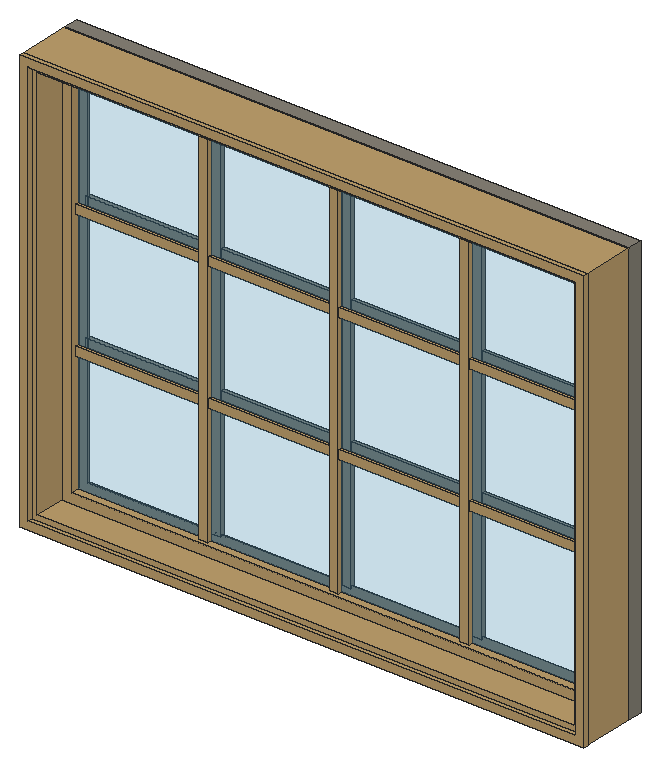
Revit family
Parameters (values of type "CDGRECT")
  Window Type = "Clad Direct Glaze Polygon Rectangle"
  URL = "www.marvin.com"
  Prairie Corner Width = 0' - 4"
  Prairie Corner Height = 0' - 4"
  Nominal Width = 4' - 0"
  Nominal Height = 3' - 0"
  Muntins Interior Material = Wood-Marvin-Pine
  Muntins Exterior Material = Aluminum-Marvin-Bronze
  Model = "CDGRECT"
  Manufacturer = "Marvin Windows and Doors"
  Lites Wide = 4
  Lites High = 3
  Lite Cut Prairie 9 = no
  Lite Cut HV Grid = not(Lite Cut Prairie 9)  # yes
  Label Visibility = no
  Interior Material = Wood-Marvin-Pine
  Glazing Material = Glass-Marvin-IG Low E II with Argon
  Glass Type = "IG Low E II with Argon"
  Frame = "Aluminum Clad"
  Family created by = "www.rbuiltcomponents.com"
  Rough Width = Width + 0' 1"  # 4' - 1"
  Rough Height = Height + 0' 0 1/2"  # 3' - 0 1/2"
  Muntins Interior Visibility = yes
  Muntins Exterior Visibility = yes
  Jamb Extension Visibility = yes
  Inset to Installation Flange [instance] = 0' - 1"
  Height = Nominal Height  # 3' - 0"
  Design Pressure = if(or(Width > 10' 0", Height > 6' 0"), "", "DP40")  # "DP40"
  Description = "FIXED"
  Default Head Height = 8' - 0"
  Wall Closure = (empty or 0)
  Width = Nominal Width  # 4' - 0"
  Daylight Area = DLO Width * DLO Height  # 9.81079 SF
  DLO Width = Width - 0' 3 15/16"  # 3' - 8 1/16"
  DLO Height = Height - 0' 3 15/16"  # 2' - 8 1/16"
  Cladding Material = Aluminum-Marvin-Bronze
  Assembly Code = ""
Reference planes (in)
  plane 1 "Center (Front/Back)": y = 0
  plane 2: z = 0
  plane 3 "Center (Left/Right)": x = -3
  plane 4 "Left": x = -27
  plane 5 "Right": x = 21
  plane 6 "Sill": z = 60
  plane 7 "Top": z = 96
  plane 8 "Inset": y = 2
  plane 9 "Glazing": y = 1.80078
  plane 10 "Jamb Ext Face": y = -2.5625
  plane 11: z = 78
  plane 12: y = -2.59375
Forms (in)
  Sweep 1, solid, material "Aluminum-Marvin-Bronze" <- "Cladding Material"
    path origin (0, 1.80078, 0) x (1, 0, 0) y (0, 0, 1)
      loop
        line (-27, 96) -> (-27, 60) -> (21, 60) -> (21, 96) -> (-27, 96)
    profile "Profile_Ext_Clad_Frame : Profile_Ext_Clad_Frame" origin (-27, 1.80078, 78) x (1, 0, 0) y (0, -1, 0)
      loop
        line (0.66161, -0.32533) -> (1.80253, -0.32533) -> (1.80253, -0.20244) -> (1.97001, -0.03495) -> (1.97001, 0) -> (0, 0) -> (0, -1.29321) -> (0.59393, -1.29321) -> (0.66161, -0.32533)
  Sweep 2, solid, material "Wood-Marvin-Pine" <- "Interior Material"
    path origin (0, 1.80078, 0) x (1, 0, 0) y (0, 0, 1)
      loop
        line (-27, 96) -> (-27, 60) -> (21, 60) -> (21, 96) -> (-27, 96)
    profile "Profile_Int_Frame : Profile_Int_Frame" origin (-27, 1.80078, 78) x (1, 0, 0) y (0, -1, 0)
      loop
        line (1.094, 4.36304) -> (0, 4.36304) -> (0, 0) -> (1.094, 0) -> (1.094, 1.0626) -> (1.97001, 1.0626) -> (1.97001, 1.7506) -> (1.094, 1.7506) -> (1.094, 4.36304)
  Extrusion 3, solid, material "Wood-Marvin-Pine" <- "Interior Material", visible <- "Jamb Extension Visibility", detail levels medium+fine
    sketch origin (0, -2.5625, 0) x (1, 0, 0) y (0, 0, 1)
      loop
        line (-27, 96) -> (-27, 60) -> (21, 60) -> (21, 96) -> (-27, 96)
      loop
        line (-26.3125, 60.6875) -> (20.3125, 60.6875) -> (20.3125, 95.3125) -> (-26.3125, 95.3125) -> (-26.3125, 60.6875)
    from 0.03125 to 0.4375
  Extrusion 4, solid, material "Glass-Marvin-IG Low E II with Argon" <- "Glazing Material"
    sketch origin (0, 1.80078, 0) x (1, 0, 0) y (0, 0, 1)
      loop
        line (19.71875, 94.71875) -> (-25.71875, 94.71875) -> (-25.71875, 61.28125) -> (19.71875, 61.28125) -> (19.71875, 94.71875)
    from 0 to 0.1875
  Extrusion 5, solid, material "Glass-Marvin-IG Low E II with Argon" <- "Glazing Material"
    sketch origin (0, 1.80078, 0) x (1, 0, 0) y (0, 0, 1)
      loop
        line (19.71875, 94.71875) -> (-25.71875, 94.71875) -> (-25.71875, 61.28125) -> (19.71875, 61.28125) -> (19.71875, 94.71875)
    from 0.8125 to 1
Lines and regions (in)
  Opening 1
    outline origin (-60, -3, 0) x (1, 0, 0) y (0, 0, 1)
      loop
        line (33, 96) -> (33, 60) -> (81, 60) -> (81, 96) -> (33, 96)
  Masking region 1
    outline origin (0, 0, 60) x (0, -1, 0) y (1, 0, 0)
      loop
        line (-3.094, -27) -> (2.5625, -27) -> (2.5625, 21) -> (-3.094, 21) -> (-3.094, -27)
  Masking region 2
    outline origin (-3, 0, 0) x (0, 1, 0) y (0, 0, 1)
      loop
        line (3.094, 96) -> (-2.5625, 96) -> (-2.5625, 60) -> (3.094, 60) -> (3.094, 96)
  Masking region 3, visible <- "Jamb Extension Visibility"
    outline origin (0, 0, 60) x (0, -1, 0) y (1, 0, 0)
      loop
        line (2.59375, -27) -> (3, -27) -> (3, 21) -> (2.59375, 21) -> (2.59375, -27)
  Masking region 4, visible <- "Jamb Extension Visibility"
    outline origin (-3, 0, 0) x (0, 1, 0) y (0, 0, 1)
      loop
        line (-2.59375, 96) -> (-3, 96) -> (-3, 60) -> (-2.59375, 60) -> (-2.59375, 96)
  symbolic lines, style "Jamb Extension", visible <- "Jamb Extension Visibility", detail levels fine
    curve 1: line (-27, -3, 60) -> (-26.3125, -3, 60)
    curve 2: line (-26.3125, -3, 60) -> (-26.3125, -2.59375, 60)
    curve 3: line (21, -3, 60) -> (20.3125, -3, 60)
    curve 4: line (20.3125, -3, 60) -> (20.3125, -2.59375, 60)
    curve 5: line (-3, -3, 95.3125) -> (-3, -2.59375, 95.3125)
    curve 6: line (-3, -3, 60.6875) -> (-3, -2.59375, 60.6875)
  symbolic lines, style "WindowsFrameMullionProjection", detail levels coarse+medium
    curve 7: line (21, -2.5625, 60) -> (19.906, -2.5625, 60)
    curve 8: line (19.906, -2.5625, 60) -> (19.906, 3.094, 60)
    curve 9: line (19.906, 3.094, 60) -> (21, 3.094, 60)
    curve 10: line (19.906, 2.12611, 60) -> (19.02999, 2.12611, 60)
    curve 11: line (19.02999, 2.12611, 60) -> (19.02999, 0.05018, 60)
    curve 12: line (-25.906, 0.05018, 60) -> (-25.02999, 0.05018, 60)
    curve 13: line (-27, -2.5625, 60) -> (-25.906, -2.5625, 60)
    curve 14: line (-25.906, -2.5625, 60) -> (-25.906, 3.094, 60)
    curve 15: line (-25.906, 3.094, 60) -> (-27, 3.094, 60)
    curve 16: line (-25.02999, 2.12611, 60) -> (-25.02999, 0.05018, 60)
    curve 17: line (-3, 3.094, 96) -> (-3, 3.094, 94.906)
    curve 18: line (-3, 3.094, 94.906) -> (-3, -2.5625, 94.906)
    curve 19: line (-3, -2.5625, 94.906) -> (-3, -2.5625, 96)
    curve 20: line (-3, 2.12611, 94.906) -> (-3, 2.12611, 94.02999)
    curve 21: line (-3, 2.12611, 94.02999) -> (-3, 0.05018, 94.02999)
    curve 22: line (-3, 0.05018, 61.094) -> (-3, 0.05018, 61.97001)
    curve 23: line (-3, 3.094, 60) -> (-3, 3.094, 61.094)
    curve 24: line (-3, 3.094, 61.094) -> (-3, -2.5625, 61.094)
    curve 25: line (-3, -2.5625, 61.094) -> (-3, -2.5625, 60)
    curve 26: line (-3, 2.12611, 61.97001) -> (-3, 0.05018, 61.97001)
    curve 27: line (19.02999, 2.12611, 60) -> (-25.02999, 2.12611, 60)
    curve 28: line (19.02999, 0.05018, 60) -> (19.906, 0.05018, 60)
    curve 29: line (-25.02999, 0.05018, 60) -> (19.02999, 0.05018, 60)
    curve 30: line (-25.02999, 2.12611, 60) -> (-25.906, 2.12611, 60)
    curve 31: line (-3, 0.05018, 61.97001) -> (-3, 0.05018, 94.02999)
    curve 32: line (-3, 2.12611, 61.97001) -> (-3, 2.12611, 61.094)
    curve 33: line (-3, 0.05018, 94.02999) -> (-3, 0.05018, 94.906)
    curve 34: line (-3, 2.12611, 94.02999) -> (-3, 2.12611, 61.97001)
  symbolic lines, style "WindowsFrameMullionProjection", visible <- "Jamb Extension Visibility", detail levels coarse+medium
    curve 35: line (-26.3125, -2.59375, 60) -> (-26.3125, -3, 60)
    curve 36: line (-26.3125, -3, 60) -> (-27, -3, 60)
    curve 37: line (20.3125, -2.59375, 60) -> (20.3125, -3, 60)
    curve 38: line (20.3125, -3, 60) -> (21, -3, 60)
    curve 41: line (-3, -2.59375, 95.3125) -> (-3, -3, 95.3125)
    curve 42: line (-3, -3, 95.3125) -> (-3, -3, 96)
    curve 43: line (-3, -2.59375, 60.6875) -> (-3, -3, 60.6875)
    curve 44: line (-3, -3, 60.6875) -> (-3, -3, 60)
  symbolic lines, style "Jamb Extension", visible <- "Jamb Extension Visibility"
    curve 39: line (-3, -3, 60.6875) -> (-3, -3, 60)
    curve 40: line (-3, -3, 95.3125) -> (-3, -3, 96)
  symbolic lines, style "WindowsGlassProjection", detail levels coarse+medium
    curve 45: line (-3, 1.06756, 61.97001) -> (-3, 1.06756, 94.02999)
    curve 46: line (19.02999, 1.06956, 60) -> (-25.02999, 1.06956, 60)
Text (in)
  text "EXTERIOR" at (-58.6888, 50.90694, 0), in view "Ref. Level"
  text "INTERIOR" at (-58.6888, -37.76638, 0), in view "Ref. Level"
  text "Exterior" at (0, 43.65631, 123.19604), in view "Left"
  text "Exterior" at (0, 18.29385, 125.04747), in view "Right"
Dimensions and locks (in)
  equal spacing: plane 4 "Left", plane 3 "Center (Left/Right)", plane 5 "Right"
  "Width": plane 4 "Left" to plane 5 "Right"
  "Height": plane 6 "Sill" to plane 7 "Top"
  "Inset to Installation Flange": host wall to plane 8 "Inset"
  locked: plane 9 "Glazing" to plane 8 "Inset" at 0.19922
  locked: plane 10 "Jamb Ext Face" to plane 8 "Inset" at 4.5625
  locked: Extrusion 4 sketch curve to plane 5 "Right" at 1.28125
  locked: plane 4 "Left" to Extrusion 4 sketch curve at 1.28125
  locked: Extrusion 4 sketch curve to plane 7 "Top" at 1.28125
  locked: plane 6 "Sill" to Extrusion 4 sketch curve at 1.28125
  equal spacing: curve 28, plane 8 "Inset", curve 10
  locked: nested 3 to plane 9 "Glazing" at 1.0625
  equal spacing: plane 6 "Sill", plane 11, plane 7 "Top"
  "Default Head Height": plane 2 to plane 7 "Top"
  locked: Extrusion 3 sketch curve to Extrusion 3 sketch curve at 0.6875  (x2)
  locked: plane 7 "Top" to Extrusion 3 sketch curve at 0.6875
  locked: nested 5 to host wall at 12.00106
  locked: Extrusion 5 sketch curve to plane 7 "Top" at 1.28125
  locked: Extrusion 5 sketch curve to plane 5 "Right" at 1.28125
  locked: plane 6 "Sill" to Extrusion 5 sketch curve at 1.28125
  locked: plane 4 "Left" to Extrusion 5 sketch curve at 1.28125
  locked: plane 9 "Glazing" to Extrusion 4 at 0.1875
  locked: plane 9 "Glazing" to Extrusion 5 at 0.8125
  locked: plane 9 "Glazing" to Extrusion 5 at 1
  locked: Extrusion 5 to Extrusion 5 at 0.1875
  locked: plane 12 to plane 10 "Jamb Ext Face" at 0.03125
  aligned and locked: plane 7 "Top" to Opening 1 sketch curve
  aligned and locked: plane 6 "Sill" to Opening 1 sketch curve  (x2)
  aligned and locked: plane 5 "Right" to Opening 1 sketch curve
  aligned and locked: plane 4 "Left" to Opening 1 sketch curve
  aligned and locked: nested 1 to plane 3 "Center (Left/Right)"
  aligned and locked: plane 8 "Inset" to nested 1
  aligned and locked: host wall to curve 1
  aligned and locked: curve 3 to host wall
  aligned and locked: plane 7 "Top" to Sweep 1 sketch curve
  aligned and locked: Sweep 1 sketch curve to plane 6 "Sill"
  aligned and locked: plane 5 "Right" to Sweep 1 sketch curve
  aligned and locked: Sweep 1 sketch curve to plane 4 "Left"
  aligned and locked: Sweep 2 sketch curve to plane 4 "Left"
  aligned and locked: plane 5 "Right" to Sweep 2 sketch curve
  aligned and locked: plane 7 "Top" to Sweep 2 sketch curve
  aligned and locked: Sweep 2 sketch curve to plane 6 "Sill"
  aligned and locked: plane 8 "Inset" to nested 2
  aligned and locked: Extrusion 3 sketch curve to plane 6 "Sill"
  aligned and locked: plane 5 "Right" to Extrusion 3 sketch curve
  aligned and locked: plane 11 to nested 3
  aligned and locked: plane 9 "Glazing" to nested 4
  aligned and locked: nested 4 to plane 11
  aligned and locked: nested 4 to plane 3 "Center (Left/Right)"
  aligned and locked: plane 3 "Center (Left/Right)" to nested 3
  aligned and locked: plane 5 "Right" to Masking region 1 sketch curve
  aligned and locked: Masking region 1 sketch curve to plane 4 "Left"
  aligned and locked: plane 7 "Top" to Masking region 2 sketch curve
  aligned and locked: Masking region 2 sketch curve to plane 6 "Sill"
  aligned and locked: host wall to Extrusion 3
  aligned and locked: plane 3 "Center (Left/Right)" to nested 5
  aligned and locked: Extrusion 3 sketch curve to plane 4 "Left"
  aligned and locked: plane 7 "Top" to Extrusion 3 sketch curve
  aligned and locked: curve 5 to Extrusion 3
  aligned and locked: curve 2 to Extrusion 3
  aligned and locked: curve 4 to Extrusion 3
  aligned and locked: plane 10 "Jamb Ext Face" to curve 13
  aligned and locked: curve 7 to plane 10 "Jamb Ext Face"
  aligned and locked: plane 4 "Left" to curve 36
  aligned and locked: curve 35 to Extrusion 3
  aligned and locked: curve 36 to host wall
  aligned and locked: plane 5 "Right" to curve 38
  aligned and locked: Extrusion 3 to curve 37  (x2)
  aligned and locked: host wall to curve 38
  aligned and locked: curve 25 to plane 10 "Jamb Ext Face"
  aligned and locked: plane 6 "Sill" to curve 39
  aligned and locked: curve 39 to Extrusion 3
  aligned and locked: curve 39 to host wall
  aligned and locked: plane 10 "Jamb Ext Face" to curve 19
  aligned and locked: plane 7 "Top" to curve 40
  aligned and locked: plane 7 "Top" to curve 42
  aligned and locked: host wall to curve 42
  aligned and locked: Extrusion 3 to curve 41  (x2)
  aligned and locked: plane 6 "Sill" to curve 44
  aligned and locked: curve 43 to Extrusion 3
  aligned and locked: Extrusion 4 to plane 9 "Glazing"
  aligned and locked: curve 14 to Sweep 2
  aligned and locked: curve 8 to Sweep 2
  aligned and locked: curve 24 to Sweep 2
  aligned and locked: Sweep 1 to curve 32
  aligned and locked: plane 9 "Glazing" to Extrusion 4
  aligned and locked: Sweep 1 to curve 30
  aligned and locked: curve 12 to Sweep 2
  aligned and locked: curve 16 to Sweep 2
  aligned and locked: Sweep 1 to curve 10
  aligned and locked: Sweep 2 to curve 28
  aligned and locked: curve 11 to Sweep 2
  aligned and locked: curve 9 to Sweep 1
  aligned and locked: Sweep 1 to curve 15
  aligned and locked: Masking region 1 sketch curve to Sweep 1
  aligned and locked: Masking region 2 sketch curve to Sweep 1
  aligned and locked: curve 18 to Sweep 2
  aligned and locked: curve 17 to Sweep 1
  aligned and locked: Sweep 1 to curve 20
  aligned and locked: Sweep 2 to curve 33
  aligned and locked: curve 21 to Sweep 2
  aligned and locked: curve 23 to Sweep 1
  aligned and locked: curve 22 to Sweep 2
  aligned and locked: curve 26 to Sweep 2
  aligned and locked: Extrusion 3 to curve 35
  aligned and locked: Extrusion 3 to curve 2
  aligned and locked: Extrusion 3 to curve 4
  aligned and locked: Masking region 1 sketch curve to plane 10 "Jamb Ext Face"
  aligned and locked: Masking region 3 sketch curve to plane 4 "Left"
  aligned and locked: plane 5 "Right" to Masking region 3 sketch curve
  aligned and locked: plane 12 to Masking region 3 sketch curve
  aligned and locked: Masking region 3 sketch curve to host wall
  aligned and locked: Extrusion 3 to curve 5
  aligned and locked: Extrusion 3 to curve 43
  aligned and locked: Extrusion 3 to curve 6
  aligned and locked: Extrusion 3 to plane 12
  aligned and locked: Masking region 2 sketch curve to plane 10 "Jamb Ext Face"
  aligned and locked: plane 7 "Top" to Masking region 4 sketch curve
  aligned and locked: Masking region 4 sketch curve to plane 6 "Sill"
  aligned and locked: plane 12 to Masking region 4 sketch curve
  aligned and locked: Masking region 4 sketch curve to host wall
  aligned and locked: nested 2 to plane 7 "Top"
Automatic sketch dimensions
  Extrusion 3 sketch curve to plane 4 "Left" = 0' - 0 11/16"
  curve 1 to plane 4 "Left" = 0' - 0"
  curve 3 to plane 5 "Right" = 0' - 0"
  curve 25 to plane 6 "Sill" = 0' - 0"
  curve 23 to plane 6 "Sill" = 0' - 0"
  curve 17 to plane 7 "Top" = 0' - 0"
  curve 19 to plane 7 "Top" = 0' - 0"
  plane 9 "Glazing" to curve 45 = 0' - 0.73322"
  curve 15 to plane 4 "Left" = 0' - 0"
  curve 13 to plane 4 "Left" = 0' - 0"
  curve 9 to plane 5 "Right" = 0' - 0"
  curve 7 to plane 5 "Right" = 0' - 0"
  plane 9 "Glazing" to curve 46 = 0' - 0.73122"
Nested families (in)
  nested 1: "Polygon_Plan_Detail" at (-3, 2, 60) x (-1, 0, 0) z (0, 0, -1), type "Polygon_Plan_Detail", detail levels fine
    with Width 4' - 0"
  nested 2: "Polygon_Section_Detail" at (-3, 2, 96) x (0, -1, 0) z (1, 0, 0), type "Polygon_Section_Detail", detail levels fine
  nested 3: "Muntins" at (-3, 0.73828, 25.96875), visible <- "Muntins Interior Visibility", Muntin Material <- "Muntins Interior Material", type "Muntins"
    with MuntinDepth 0' - 0 5/16", Muntin Material Wood-Marvin-Pine, GlazingWidth 3' - 8 1/16", GlazingHeight 2' - 8 1/16", Width 3' - 8 1/2", VerticalMuntins 3, LitesHorizontal 4, Height 2' - 8 1/2", Inset Vert 0' - 10 3/4", Inset Horiz 0' - 10.45833"
  nested 4: "Muntins" at (-3, 1.80078, 25.96875), visible <- "Muntins Exterior Visibility", Muntin Material <- "Muntins Exterior Material", type "Muntins"
    with MuntinDepth 0' - 0 5/16", Muntin Material Aluminum-Marvin-Bronze, GlazingWidth 3' - 8 1/16", GlazingHeight 2' - 8 1/16", Width 3' - 8 1/2", VerticalMuntins 3, LitesHorizontal 4, Height 2' - 8 1/2", Inset Vert 0' - 10 3/4", Inset Horiz 0' - 10.45833"
  nested 5: "Label Annotation 1-16 w6" at (-3, 15.00106, 0), visible <- "Label Visibility", type "Label Annotation 1-16 w6"
    with Nominal Height 3' - 0"
Definition of nested family "Muntins"
  Parameters (values of type "Muntins")
    PrairieMuntVisible = no
    Prairie Corner Width = 0' - 4"
    Prairie Corner Height = 0' - 4"
    Muntin Extension = 0' - 0 7/16"
    GridMuntVisible = yes
    GlazingWidth = 2' - 0"
    GlazingHeight = 2' - 11 1/8"
    Width = GlazingWidth + Muntin Extension  # 2' - 0 7/16"
    VerticalMuntins = if(LitesHorizontal < 3, 2, LitesHorizontal - 1)  # 2
    VertMuntVisible = and(GridMuntVisible, LitesHorizontal > 2)  # yes
    MuntinWidth = 0' - 0 3/4"
    MuntinDepth [instance] = 0' - 0 3/8"
    Muntin Material [instance] = none
    LitesVertical = 3
    LitesHorizontal = 3
    HorizontalMuntins = if(LitesVertical < 3, 2, LitesVertical - 1)  # 2
    HorizMuntVisible = and(GridMuntVisible, LitesVertical > 2)  # yes
    Height = GlazingHeight + Muntin Extension  # 2' - 11 9/16"
    Inset Vert = if(LitesHorizontal < 3, (Width / 3) - (MuntinWidth / 2), (Width / LitesHorizontal) - (MuntinWidth / 2))  # 0' - 7.77083"
    Inset Horiz = if(LitesVertical < 3, (Height / 3) - (MuntinWidth / 2), (Height / LitesVertical) - (MuntinWidth / 2))  # 0' - 11.47917"
    CenterMuntinVertical = and(GridMuntVisible, LitesHorizontal = 2)  # no
    CenterMuntinHorizontal = and(GridMuntVisible, LitesVertical = 2)  # no
    Assembly Code = ""
  Reference planes (in)
    plane 1 "Center (Front/Back)": y = 0
    plane 2: z = 0
    plane 3 "Center (Left/Right)": x = 0
    plane 4: z = 35.78125
    plane 5: z = 53.5625
    plane 6: z = 71.34375
    plane 7: z = 59.86458
    plane 8: z = 47.26042
    plane 9: z = 71.125
    plane 10: z = 36
    plane 11: x = -12
    plane 12: x = 12
    plane 13: x = -4.44792
    plane 14: x = -12.21875
    plane 15: x = 12.21875
    plane 16: x = 4.44792
    plane 17: z = 67.125
    plane 18: z = 40
    plane 19: x = -8
    plane 20: x = 8
  Forms (in)
    Extrusion 1, solid, material <- "Muntin Material", visible <- "CenterMuntinVertical", detail levels medium+fine
      sketch origin (9, 0, 0) x (1, 0, 0) y (0, 0, 1)
        loop
          line (-9.375, 71.34375) -> (-9.375, 35.78125) -> (-8.625, 35.78125) -> (-8.625, 71.34375) -> (-9.375, 71.34375)
      from 0 to 0.375 <- "MuntinDepth"
    Extrusion 2, solid, material <- "Muntin Material", visible <- "CenterMuntinHorizontal", detail levels medium+fine
      sketch origin (-0.0013, 0, 14.6875) x (1, 0, 0) y (0, 0, 1)
        loop
          line (-12.21745, 39.25) -> (-12.21745, 38.5) -> (12.22005, 38.5) -> (12.22005, 39.25) -> (-12.21745, 39.25)
      from 0 to 0.375 <- "MuntinDepth"
    Extrusion 3, solid, material <- "Muntin Material", visible <- "VertMuntVisible", detail levels medium+fine
      sketch origin (4.92708, 0, -2.90625) x (1, 0, 0) y (0, 0, 1)
        loop
          line (-9.375, 74.25) -> (-9.375, 38.6875) -> (-8.625, 38.6875) -> (-8.625, 74.25) -> (-9.375, 74.25)
      from 0 to 0.375 <- "MuntinDepth"
    Extrusion 4, solid, material <- "Muntin Material", visible <- "HorizMuntVisible", detail levels medium+fine
      sketch origin (-3.09635, 0, 14.17708) x (1, 0, 0) y (0, 0, 1)
        loop
          line (-9.1224, 45.6875) -> (-9.1224, 44.9375) -> (15.3151, 44.9375) -> (15.3151, 45.6875) -> (-9.1224, 45.6875)
      from 0 to 0.375 <- "MuntinDepth"
    Extrusion 5, solid, material <- "Muntin Material", visible <- "HorizMuntVisible", detail levels medium+fine
      sketch origin (-3.09635, 0, 2.32292) x (1, 0, 0) y (0, 0, 1)
        loop
          line (-9.1224, 45.6875) -> (-9.1224, 44.9375) -> (15.3151, 44.9375) -> (15.3151, 45.6875) -> (-9.1224, 45.6875)
      from 0 to 0.375 <- "MuntinDepth"
    Extrusion 6, solid, material <- "Muntin Material", visible <- "VertMuntVisible", detail levels medium+fine
      sketch origin (13.07292, 0, -2.90625) x (1, 0, 0) y (0, 0, 1)
        loop
          line (-9.375, 74.25) -> (-9.375, 38.6875) -> (-8.625, 38.6875) -> (-8.625, 74.25) -> (-9.375, 74.25)
      from 0 to 0.375 <- "MuntinDepth"
    Extrusion 7, solid, material <- "Muntin Material", visible <- "PrairieMuntVisible", detail levels medium+fine
      sketch origin (1, 0, 0) x (1, 0, 0) y (0, 0, 1)
        loop
          line (-9, 71.34375) -> (-9, 35.78125) -> (-8.25, 35.78125) -> (-8.25, 71.34375) -> (-9, 71.34375)
      from 0 to 0.375 <- "MuntinDepth"
    Extrusion 8, solid, material <- "Muntin Material", visible <- "PrairieMuntVisible", detail levels medium+fine
      sketch origin (17, 0, 0) x (1, 0, 0) y (0, 0, 1)
        loop
          line (-9.75, 71.34375) -> (-9.75, 35.78125) -> (-9, 35.78125) -> (-9, 71.34375) -> (-9.75, 71.34375)
      from 0 to 0.375 <- "MuntinDepth"
    Extrusion 9, solid, material <- "Muntin Material", visible <- "PrairieMuntVisible", detail levels medium+fine
      sketch origin (-0.0013, 0, 28.25) x (1, 0, 0) y (0, 0, 1)
        loop
          line (-12.21745, 38.875) -> (-12.21745, 38.125) -> (12.22005, 38.125) -> (12.22005, 38.875) -> (-12.21745, 38.875)
      from 0 to 0.375 <- "MuntinDepth"
    Extrusion 10, solid, material <- "Muntin Material", visible <- "PrairieMuntVisible", detail levels medium+fine
      sketch origin (-0.0013, 0, 1.125) x (1, 0, 0) y (0, 0, 1)
        loop
          line (-12.21745, 39.625) -> (-12.21745, 38.875) -> (12.22005, 38.875) -> (12.22005, 39.625) -> (-12.21745, 39.625)
      from 0 to 0.375 <- "MuntinDepth"
  Cuts and joins
    joined: Extrusion 7, Extrusion 8, Extrusion 9, Extrusion 10
  Lines and regions (in)
    model lines, style "Muntins", visible <- "CenterMuntinHorizontal", detail levels coarse
      curve 1: line (-12.21875, 0, 53.5625) -> (12.21875, 0, 53.5625)
    model lines, style "Muntins", visible <- "HorizMuntVisible", detail levels coarse
      curve 2: line (-12.21875, 0, 59.48958) -> (12.21875, 0, 59.48958)
      curve 3: line (-12.21875, 0, 47.63542) -> (12.21875, 0, 47.63542)
    model lines, style "Muntins", visible <- "CenterMuntinVertical", detail levels coarse
      curve 4: line (0, 0, 71.34375) -> (0, 0, 35.78125)
    model lines, style "Muntins", visible <- "VertMuntVisible", detail levels coarse
      curve 5: line (-4.07292, 0, 71.34375) -> (-4.07292, 0, 35.78125)
      curve 6: line (4.07292, 0, 71.34375) -> (4.07292, 0, 35.78125)
    model lines, style "Muntins", visible <- "PrairieMuntVisible", detail levels coarse
      curve 7: line (-12.21875, 0, 66.75) -> (12.21875, 0, 66.75)
      curve 8: line (-12.21875, 0, 40.375) -> (12.21875, 0, 40.375)
      curve 9: line (-7.625, 0, 35.78125) -> (-7.625, 0, 71.34375)
      curve 10: line (7.625, 0, 35.78125) -> (7.625, 0, 71.34375)
  Dimensions and locks (in)
    "Inset Horiz": plane 6 to plane 7
    "Inset Horiz": plane 8 to plane 4
    equal spacing: plane 6, plane 5, plane 4
    "Height": plane 6 to plane 4
    "GlazingHeight": plane 9 to plane 10
    equal spacing: plane 9, plane 5, plane 10
    "GlazingWidth": plane 12 to plane 11
    equal spacing: plane 12, plane 3 "Center (Left/Right)", plane 11
    "MuntinWidth": Extrusion 1 sketch curve to Extrusion 1 sketch curve
    "Height": Extrusion 1 sketch curve to Extrusion 1 sketch curve
    "MuntinWidth": Extrusion 2 sketch curve to Extrusion 2 sketch curve
    "Width": Extrusion 2 sketch curve to Extrusion 2 sketch curve
    "MuntinWidth": Extrusion 3 sketch curve to Extrusion 3 sketch curve
    "Height": Extrusion 3 sketch curve to Extrusion 3 sketch curve
    "Width": plane 15 to plane 14
    equal spacing: plane 15, plane 3 "Center (Left/Right)", plane 14
    "Inset Vert": plane 13 to plane 14
    "Inset Vert": plane 15 to plane 16
    "MuntinWidth": Extrusion 4 sketch curve to Extrusion 4 sketch curve
    "Width": Extrusion 4 sketch curve to Extrusion 4 sketch curve
    "MuntinWidth": Extrusion 5 sketch curve to Extrusion 5 sketch curve
    "Width": Extrusion 5 sketch curve to Extrusion 5 sketch curve
    group 2 to group 3 = 0' - 0"  (x2)
    group 3 to group 2 = 0' - 11.85417"
    "MuntinWidth": Extrusion 6 sketch curve to Extrusion 6 sketch curve
    "Height": Extrusion 6 sketch curve to Extrusion 6 sketch curve
    group 4 to group 5 = 0' - 8.14583"
    group 4 to group 5 = 0' - 0"  (x2)
    "Prairie Corner Width": plane 19 to plane 11
    "Prairie Corner Width": plane 20 to plane 12
    "Prairie Corner Height": plane 9 to plane 17
    "Prairie Corner Height": plane 18 to plane 10
    "MuntinWidth": Extrusion 7 sketch curve to Extrusion 7 sketch curve
    "Height": Extrusion 7 sketch curve to Extrusion 7 sketch curve
    "MuntinWidth": Extrusion 8 sketch curve to Extrusion 8 sketch curve
    "Height": Extrusion 8 sketch curve to Extrusion 8 sketch curve
    "MuntinWidth": Extrusion 9 sketch curve to Extrusion 9 sketch curve
    "Width": Extrusion 9 sketch curve to Extrusion 9 sketch curve
    "MuntinWidth": Extrusion 10 sketch curve to Extrusion 10 sketch curve
    "Width": Extrusion 10 sketch curve to Extrusion 10 sketch curve
    aligned and locked: plane 6 to Extrusion 1  (x2)
    aligned and locked: Extrusion 1 to plane 4  (x3)
    aligned and locked: Extrusion 3 to plane 13  (x5)
    aligned and locked: Extrusion 3 to plane 4  (x3)
    aligned and locked: Extrusion 2 to plane 14
    aligned and locked: plane 15 to Extrusion 2
    aligned and locked: plane 6 to Extrusion 3
    aligned and locked: plane 7 to Extrusion 4
    aligned and locked: Extrusion 4 to plane 14
    aligned and locked: plane 15 to Extrusion 4
    aligned and locked: curve 1 to plane 5
    aligned and locked: plane 14 to curve 1
    aligned and locked: plane 15 to curve 1
    aligned and locked: Extrusion 5 to plane 14
    aligned and locked: Extrusion 5 to plane 8
    aligned and locked: plane 15 to Extrusion 5
    aligned and locked: Extrusion 5 to curve 3  (x2)
    aligned and locked: Extrusion 4 to curve 2  (x2)
    aligned and locked: curve 4 to plane 3 "Center (Left/Right)"
    aligned and locked: Extrusion 1 to curve 4  (x2)
    aligned and locked: Extrusion 3 to curve 5  (x2)
    aligned and locked: Extrusion 6 to curve 6  (x2)
    aligned and locked: Extrusion 6 to plane 16
    aligned and locked: plane 6 to Extrusion 6
    aligned and locked: plane 6 to curve 6
    aligned and locked: Extrusion 6 to plane 4
    aligned and locked: plane 4 to curve 6
    aligned and locked: cut or joined group of Extrusion 7, Extrusion 8, Extrusion 9, Extrusion 10 to plane 19
    aligned and locked: plane 20 to cut or joined group of Extrusion 7, Extrusion 8, Extrusion 9, Extrusion 10
    aligned and locked: plane 17 to cut or joined group of Extrusion 7, Extrusion 8, Extrusion 9, Extrusion 10
    aligned and locked: cut or joined group of Extrusion 7, Extrusion 8, Extrusion 9, Extrusion 10 to plane 18
    aligned and locked: cut or joined group of Extrusion 7, Extrusion 8, Extrusion 9, Extrusion 10 to curve 7  (x2)
    aligned and locked: cut or joined group of Extrusion 7, Extrusion 8, Extrusion 9, Extrusion 10 to curve 8  (x2)
    aligned and locked: cut or joined group of Extrusion 7, Extrusion 8, Extrusion 9, Extrusion 10 to curve 9  (x2)
    aligned and locked: cut or joined group of Extrusion 7, Extrusion 8, Extrusion 9, Extrusion 10 to curve 10  (x2)
  Automatic sketch dimensions
    Extrusion 1 sketch curve to plane 4 = 0' - 0"
    Extrusion 1 sketch curve to plane 3 "Center (Left/Right)" = 0' - 0 3/8"
    Extrusion 2 sketch curve to plane 14 = 0' - 0"
    Extrusion 2 sketch curve to plane 5 = 0' - 0 3/8"
    Extrusion 7 sketch curve to plane 4 = 0' - 0"
    Extrusion 7 sketch curve to plane 19 = 0' - 0"
    Extrusion 8 sketch curve to plane 4 = 0' - 0"
    Extrusion 8 sketch curve to plane 20 = 0' - 0 3/4"
    Extrusion 9 sketch curve to plane 14 = 0' - 0"
    Extrusion 9 sketch curve to plane 17 = 0' - 0 3/4"
    Extrusion 10 sketch curve to plane 14 = 0' - 0"
    Extrusion 10 sketch curve to plane 18 = 0' - 0"
    plane 19 to curve 9 = 0' - 0 3/8"
    curve 10 to plane 20 = 0' - 0 3/8"
    plane 18 to curve 8 = 0' - 0 3/8"
    curve 7 to plane 17 = 0' - 0 3/8"
Definition of nested family "Polygon_Plan_Detail"
  Parameters (values of type "Polygon_Plan_Detail")
    Width = 3' - 0"
    Assembly Code = ""
  Reference planes (in)
    plane 1 "Center (Front/Back)": y = 0
    plane 2: z = 0
    plane 3 "Center (Left/Right)": x = 0
    plane 4: x = -18
    plane 5: x = 18
  Lines and regions (in)
    detail lines, style "Cut Lines", in view "Ref. Level"
      curve 1: line (-16.71748, -0.23076, 0) -> (16.71748, -0.23076, 0)
      curve 2: line (16.71748, -0.41826, 0) -> (-16.71748, -0.41826, 0)
      curve 3: line (-16.71749, -1.04326, 0) -> (16.71749, -1.04326, 0)
      curve 4: line (16.71749, -1.23076, 0) -> (-16.71749, -1.23076, 0)
  Dimensions and locks (in)
    equal spacing: plane 4, plane 3 "Center (Left/Right)", plane 5
    "Width": plane 4 to plane 5
    aligned and locked: plane 1 "Center (Front/Back)" to nested 1
    aligned and locked: nested 1 to plane 4
    aligned and locked: plane 5 to nested 2
    aligned and locked: nested 2 to plane 1 "Center (Front/Back)"
    aligned and locked: curve 1 to nested 1
    aligned and locked: curve 2 to nested 2
    aligned and locked: curve 3 to nested 1
    aligned and locked: curve 4 to nested 2
  Automatic sketch dimensions
    plane 4 to curve 3 = 0' - 1.28251"
    curve 4 to curve 3 = 0' - 0"
    curve 3 to curve 1 = 0' - 0"
    curve 2 to curve 1 = 0' - 0"  (x2)
    plane 5 to curve 1 = 0' - 1.28252"
    curve 2 to curve 4 = 0' - 0"
    curve 3 to curve 4 = 0' - 0"
  Nested families (in)
    nested 1: "Jamb_Detail" at (-18, 0, 0), type "Jamb_Detail", in view "Ref. Level"
    nested 2: "Jamb_Detail" at (18, 0, 0) x (-1, 0, 0) z (0, 0, 1), type "Jamb_Detail", in view "Ref. Level"
  Definition of nested family "Jamb_Detail"
    Reference planes (in)
      plane 1 "Center (Front/Back)": y = 0
      plane 2: z = 0
      plane 3 "Center (Left/Right)": x = 0
    Lines and regions (in)
      detail lines, style "Cut Lines", in view "Ref. Level"
        curve 1: line (1.094, 4.5625, 0) -> (0, 4.5625, 0)
        curve 2: line (0, 4.5625, 0) -> (0, -1.09375, 0)
        curve 3: line (1.094, 4.5625, 0) -> (1.094, 1.95006, 0)
        curve 4: line (1.094, 1.95006, 0) -> (1.97001, 1.95006, 0)
        curve 5: line (1.97001, 1.95006, 0) -> (1.97001, 1.26206, 0)
        curve 6: line (1.97001, 1.26206, 0) -> (1.094, 1.26206, 0)
        curve 7: line (-0.15502, 0, 0) -> (-1.50502, 0, 0)
        curve 8: line (0, -0.045, 0) -> (-1.50502, -0.045, 0)
        curve 9: line (0, 0.11, 0) -> (-0.15502, 0.11, 0)
        curve 10: line (-0.15502, 0, 0) -> (-0.15502, 0.11, 0)
        curve 11: line (0.66161, -0.12586, 0) -> (0.59393, -1.09375, 0)
        curve 12: line (0.59393, -1.09375, 0) -> (0, -1.09375, 0)
        curve 13: line (1.80253, -0.12586, 0) -> (0.66161, -0.12586, 0)
        curve 14: line (1.80253, -0.00297, 0) -> (1.80253, -0.12586, 0)
        curve 15: line (1.094, 0.19946, 0) -> (1.97001, 0.19946, 0)
        curve 16: line (-1.50502, 0, 0) -> (-1.50502, -0.045, 0)
        curve 17: line (1.97001, 0.19946, 0) -> (1.97001, 0.16452, 0)
        curve 18: line (1.094, 1.26206, 0) -> (1.094, 0.19946, 0)
        curve 19: line (1.72001, 1.04326, 0) -> (1.72001, 0.41826, 0)
        curve 20: line (1.40751, 1.04326, 0) -> (1.40751, 0.41826, 0)
        curve 21: line (1.28251, 1.23076, 0) -> (1.28251, 1.04326, 0)
        curve 22: line (1.28252, 0.23076, 0) -> (1.28252, 0.41826, 0)
        curve 23: line (1.80253, -0.00297, 0) -> (1.97001, 0.16452, 0)
Definition of nested family "Polygon_Section_Detail"
  Parameters (values of type "Polygon_Section_Detail")
    Height = 3' - 0"
    Assembly Code = ""
  Reference planes (in)
    plane 1 "Center (Front/Back)": y = 0
    plane 2: z = 0
    plane 3 "Center (Left/Right)": x = 0
    plane 4: y = 36
  Lines and regions (in)
    detail lines, style "Cut Lines", in view "Ref. Level"
      curve 1: line (0.23076, 1.28252, 0) -> (0.23076, 34.71748, 0)
      curve 2: line (0.41826, 34.71748, 0) -> (0.41826, 1.28252, 0)
      curve 3: line (1.04326, 1.28251, 0) -> (1.04326, 34.71749, 0)
      curve 4: line (1.23076, 34.71749, 0) -> (1.23076, 1.28251, 0)
  Dimensions and locks (in)
    "Height": plane 4 to plane 1 "Center (Front/Back)"
    aligned and locked: nested 1 to plane 4
    aligned and locked: plane 3 "Center (Left/Right)" to nested 1
    aligned and locked: curve 2 to nested 1
    aligned and locked: curve 4 to nested 1
    aligned and locked: plane 1 "Center (Front/Back)" to nested 2
    aligned and locked: nested 2 to plane 3 "Center (Left/Right)"
    aligned and locked: curve 1 to nested 2
    aligned and locked: nested 2 to curve 2
    aligned and locked: nested 2 to curve 3
    aligned and locked: curve 4 to nested 2
  Automatic sketch dimensions
    curve 2 to plane 4 = 0' - 1.28252"
    curve 1 to curve 2 = 0' - 0"
    curve 2 to curve 4 = 0' - 0"
    curve 3 to curve 4 = 0' - 0"
    curve 1 to curve 2 = 0' - 0 3/16"
    curve 3 to curve 4 = 0' - 0 3/16"
  Nested families (in)
    nested 1: "Head_Detail" at (0, 36, 0), type "Head_Detail", in view "Ref. Level"
    nested 2: "Head_Detail" at (0, 0, 0), type "Head_Detail", in view "Ref. Level"
  Definition of nested family "Head_Detail"
    Reference planes (in)
      plane 1 "Center (Front/Back)": y = 0
      plane 2: z = 0
      plane 3 "Center (Left/Right)": x = 0
    Lines and regions (in)
      detail lines, style "Cut Lines", in view "Ref. Level"
        curve 1: line (4.5625, -1.094, 0) -> (4.5625, 0, 0)
        curve 2: line (4.5625, 0, 0) -> (-1.09375, 0, 0)
        curve 3: line (4.5625, -1.094, 0) -> (1.95006, -1.094, 0)
        curve 4: line (1.95006, -1.094, 0) -> (1.95006, -1.97001, 0)
        curve 5: line (1.95006, -1.97001, 0) -> (1.26206, -1.97001, 0)
        curve 6: line (1.26206, -1.97001, 0) -> (1.26206, -1.094, 0)
        curve 7: line (0, 0.15502, 0) -> (0, 1.50502, 0)
        curve 8: line (-0.045, 0, 0) -> (-0.045, 1.50502, 0)
        curve 9: line (0.11, 0, 0) -> (0.11, 0.15502, 0)
        curve 10: line (0, 0.15502, 0) -> (0.11, 0.15502, 0)
        curve 11: line (-0.12586, -0.66161, 0) -> (-1.09375, -0.59393, 0)
        curve 12: line (-1.09375, -0.59393, 0) -> (-1.09375, 0, 0)
        curve 13: line (-0.12586, -1.80253, 0) -> (-0.12586, -0.66161, 0)
        curve 14: line (-0.00297, -1.80253, 0) -> (-0.12586, -1.80253, 0)
        curve 15: line (0.19946, -1.094, 0) -> (0.19946, -1.97001, 0)
        curve 16: line (0, 1.50502, 0) -> (-0.045, 1.50502, 0)
        curve 17: line (0.19946, -1.97001, 0) -> (0.16452, -1.97001, 0)
        curve 18: line (1.26206, -1.094, 0) -> (0.19946, -1.094, 0)
        curve 19: line (1.04326, -1.72001, 0) -> (0.41826, -1.72001, 0)
        curve 20: line (1.04326, -1.40751, 0) -> (0.41826, -1.40751, 0)
        curve 21: line (1.23076, -1.28251, 0) -> (1.04326, -1.28251, 0)
        curve 22: line (0.23076, -1.28252, 0) -> (0.41826, -1.28252, 0)
        curve 23: line (-0.00297, -1.80253, 0) -> (0.16452, -1.97001, 0)
Definition of nested family "Label Annotation 1-16 w6"
  Parameters
    Nominal Width = 4' - 0"
    Nominal Height = 6' - 0"
    Label = ""
    Egress Info = "EGRESS WDW"
    Description = "DBHG MGNM"
  Reference planes (in)
    plane 1: y = 0
    plane 2: x = 0
  Text (in)
    label "Nominal Width X  Nominal Height Description" at (0.00375, -0.00345, 0), shows "Nominal Width", "Nominal Height", "Description"
